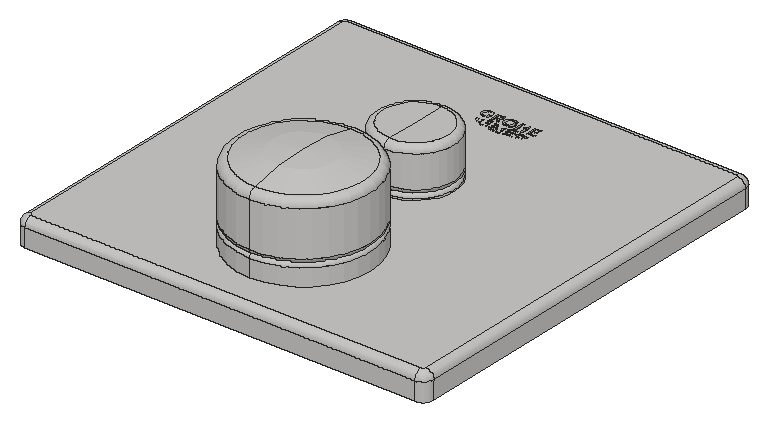
Revit family "Plumbing-Fixtures_Grohe_Grohtherm_Smart-Control_29123000_14_METRIC1", category Plumbing Fixtures, host Face, Revit 2015
Parameters (values of type "29123000")
  _distributed by = "www.bimstore.co.uk"
  _current revision = 1  # constant formula
  _created by = "Ryan Lashley"  # constant formula
  _authorized by = "Kris Atkinson"  # constant formula
  _BIMspec_GUID = 0  # constant formula
  Waste Connection = no
  WarrantyStartDate [instance] = "Please record on commissioning."
  WarrantyGuarantorParts = ""
  WarrantyGuarantorLabor = ""
  WarrantyDurationUnit = "Years"  # constant formula
  WarrantyDurationParts = ""
  WarrantyDurationLabor = ""
  WarrantyDescription = ""
  WFU = 0
  Vent Connection = no
  URL = "www.grohe.com"
  TypeName = Model  # "Grohtherm - Smart Control Thermostatic Mixer"
  Type Comments = "Grohtherm - 29123000"  # constant formula
  TagNumber = ""
  SpareParts = ""
  Size = ""
  Shape = ""
  SerialNumber [instance] = "Please record on commissioning."
  ReplacementCost = ""
  ReferencedStandard = ""
  ProductionYear = "2016"  # constant formula
  Product Page URL = ""
  Product Documentation Link = ""
  Percentage of Recycled Content = ""
  NBSReference = "90-10-90/370"  # constant formula
  NBSObjectName = "Thermostatic mixing valves"  # constant formula
  NBSDescription = "Thermostatic mixing valves"  # constant formula
  ModelNumber = Type Comments  # "Grohtherm - 29123000"
  Model = "Grohtherm - Smart Control Thermostatic Mixer"  # constant formula
  Material = "Chrome"  # constant formula
  Masterformat Title = "Sanitary Facilities"  # constant formula
  Masterformat Number = "01 52 19"  # constant formula
  Manufacturer = "Grohe Limited"  # constant formula
  Low Emitting Material = no
  LEED Credit = ""
  Keynote = "N13"  # constant formula
  InstallationDate [instance] = "Please record on commissioning."
  Industry Standards = "n/a"  # constant formula
  Hot Water Connection Diameter = 10 mm  # constant formula
  HWFU = 4.5
  HW Connection = yes
  Grade = ""
  Finish = "Chrome"  # constant formula
  Features = Description  # ""
  Faucet Material = Grohe-Chrome-Polished
  Extidentifier = ""
  ExpectedLife = 0
  Ecojoy = yes
  DurationUnit = "Years"  # constant formula
  DocumentationTechnical = ""
  DocumentationMaintenance = ""
  DocumentationLiterature = ""
  DocumentationInstallationGuide = ""
  DocumentationCertificates = ""
  Description = ""  # constant formula
  Default Elevation = 0 mm
  CreatedOn = "February 2017"  # constant formula
  CreatedBy = "info-uk@grohe.com"  # constant formula
  Cost = 0
  Contact Grohe = "GROHE Limited, World Business Centre 2, Newall Road, London Heathrow Airport, Hounslow, Middlesex, TW6 2SF - Tel: +44 (0) 871 200 3414 - Fax: +44 (0) 871 200 3415 - EMail: info-uk@grohe.com"  # constant formula
  Constituents = ""
  Color = "Chrome"  # constant formula
  Cold Water Connection Diameter = 10 mm  # constant formula
  CodePerformance = ""
  ClassificationValue = "Pr_65_54_95_88"  # constant formula
  ClassificationName = "Uniclass 2015"  # constant formula
  CWFU = 4.5
  CW Connection = yes
  BarCode [instance] = "Please record on commissioning."
  AssetType = "Fixed"  # constant formula
  AssetIdentifier [instance] = "Please record on commissioning."
  Assembly Code = "C1030220"
  AccessibilityPerformance = ""
  ADA Compliant = no
Reference planes
  plane 1 "Center (Front/Back)": y = 0
  plane 2: z = 0
  plane 3 "Center (Left/Right)": x = 0
Forms (mm)
  Revolve 1, solid, material "Grohe-Chrome-Polished" <- "Faucet Material"
    sketch origin (0, 0, 0) x (0, 1, 0) y (0, 0, 1)
      loop
        line (-38.948, 0) -> (-13.01, 0) -> (-13.01, 16.589)
        arc (-13.01, 16.589) -> (-13.45, 17.649) -> (-14.51, 18.089) r 1.5
        arc (-14.51, 18.089) -> (-13.45, 18.528) -> (-13.01, 19.589) r 1.5
        line (-13.01, 19.589) -> (-13.01, 36.906)
        arc (-13.01, 36.906) -> (-13.889, 39.027) -> (-16.01, 39.906) r 3
        arc (-16.01, 39.906) -> (-27.366, 42.32) -> (-38.948, 43.131) r 83.187
        line (-38.948, 43.131) -> (-38.948, 0)
      axis (-38.948, 0) -> (-38.948, 43.131)
    angle from 0 to 360
  Revolve 2, solid, material "Grohe-Chrome-Polished" <- "Faucet Material"
    sketch origin (0, 55, 0) x (0, 1, 0) y (0, 0, 1)
      loop
        arc (-25, 25.954) -> (-25.732, 27.722) -> (-27.5, 28.454) r 2.5
        line (-27.5, 28.454) -> (-40, 28.454) -> (-40, 0) -> (-25, 0) -> (-25, 10.608)
        arc (-25, 10.608) -> (-25.439, 11.668) -> (-26.5, 12.108) r 1.5
        arc (-26.5, 12.108) -> (-25.439, 12.547) -> (-25, 13.608) r 1.5
        line (-25, 13.608) -> (-25, 25.954)
      axis (-40, 0) -> (-40, 28.454)
    angle from 0 to 360
  Extrusion 3, void
    sketch origin (76.161, -27.87, 153.7) x (0, 1, 0) y (-1, 0, 0)
      loop
        spline (87.555, 81.289) -> (87.887, 82.628) -> (87.745, 83.695) -> (87.295, 84.469) -> (86.699, 84.932) -> (86.051, 85.104) -> (85.409, 85.033) -> (84.827, 84.764) -> (84.353, 84.331) -> (84.021, 83.74) -> (83.863, 82.996) -> (83.936, 82.119) -> (84.344, 81.161)
        line (84.344, 81.161) -> (85.87, 81.161) -> (85.87, 82.167) -> (84.746, 82.167)
        spline (84.746, 82.167) -> (84.504, 82.743) -> (84.528, 83.242) -> (84.755, 83.645) -> (85.125, 83.934) -> (85.576, 84.093) -> (86.047, 84.102) -> (86.482, 83.954) -> (86.841, 83.659) -> (87.086, 83.231) -> (87.178, 82.684) -> (87.081, 82.032) -> (86.755, 81.289)
        line (86.755, 81.289) -> (87.555, 81.289)
      loop
        line (83.951, 80.338) -> (83.951, 79.329) -> (87.024, 79.329)
        spline (87.024, 79.329) -> (87.029, 79.038) -> (87.035, 78.793) -> (87.026, 78.589) -> (86.985, 78.42) -> (86.897, 78.281) -> (86.748, 78.169) -> (86.552, 78.097) -> (86.337, 78.089) -> (86.129, 78.171) -> (85.958, 78.365) -> (85.851, 78.696) -> (85.837, 79.188)
        line (85.837, 79.188) -> (83.951, 77.819) -> (83.951, 76.51) -> (85.511, 77.819)
        arc (85.511, 77.819) -> (86.802, 77.083) -> (87.755, 78.223) r 1.158
        line (87.755, 78.223) -> (87.755, 80.338) -> (83.951, 80.338)
      loop
        spline (83.801, 74.144) -> (83.871, 73.536) -> (84.074, 72.97) -> (84.398, 72.483) -> (84.819, 72.11) -> (85.311, 71.875) -> (85.838, 71.795) -> (86.365, 71.875) -> (86.856, 72.11) -> (87.278, 72.483) -> (87.601, 72.97) -> (87.805, 73.536) -> (87.874, 74.144)
        spline (87.874, 74.144) -> (87.805, 74.752) -> (87.601, 75.319) -> (87.278, 75.805) -> (86.856, 76.179) -> (86.365, 76.413) -> (85.838, 76.493) -> (85.311, 76.413) -> (84.819, 76.179) -> (84.398, 75.805) -> (84.074, 75.319) -> (83.871, 74.752) -> (83.801, 74.144)
      loop
        spline (84.492, 74.144) -> (84.538, 73.81) -> (84.673, 73.498) -> (84.886, 73.23) -> (85.165, 73.025) -> (85.489, 72.896) -> (85.838, 72.851) -> (86.186, 72.896) -> (86.51, 73.025) -> (86.789, 73.23) -> (87.003, 73.498) -> (87.137, 73.81) -> (87.183, 74.144)
        spline (87.183, 74.144) -> (87.137, 74.479) -> (87.003, 74.791) -> (86.789, 75.059) -> (86.51, 75.264) -> (86.186, 75.393) -> (85.838, 75.437) -> (85.489, 75.393) -> (85.165, 75.264) -> (84.886, 75.059) -> (84.673, 74.791) -> (84.538, 74.479) -> (84.492, 74.144)
      loop
        line (83.95, 71.102) -> (83.95, 70.1) -> (85.811, 70.1) -> (85.811, 68.368) -> (83.95, 68.368) -> (83.95, 67.366) -> (87.982, 67.366) -> (87.982, 68.368) -> (86.592, 68.368) -> (86.592, 70.1) -> (87.982, 70.1) -> (87.982, 71.102) -> (83.95, 71.102)
      loop
        line (83.95, 66.313) -> (83.95, 63.467) -> (84.782, 63.467) -> (84.782, 65.311) -> (85.582, 65.311) -> (85.582, 63.967) -> (86.382, 63.967) -> (86.382, 65.311) -> (87.182, 65.311) -> (87.182, 63.682) -> (87.982, 63.682) -> (87.982, 66.313) -> (83.95, 66.313)
      loop
        arc (82.595, 81.499) -> (82.17, 82.773) -> (82.083, 84.113) r 5.216
        line (82.083, 84.113) -> (81.375, 83.598)
        arc (81.375, 83.598) -> (81.543, 82.365) -> (81.965, 81.194) r 5.916
        arc (81.965, 81.194) -> (82.476, 78.968) -> (81.965, 76.743) r 5.1
        arc (81.965, 76.743) -> (81.372, 74.162) -> (81.965, 71.581) r 5.916
        arc (81.965, 71.581) -> (82.476, 69.355) -> (81.965, 67.13) r 5.1
        arc (81.965, 67.13) -> (81.543, 65.959) -> (81.375, 64.726) r 5.916
        line (81.375, 64.726) -> (82.083, 64.211)
        arc (82.083, 64.211) -> (82.17, 65.551) -> (82.595, 66.824) r 5.216
        arc (82.595, 66.824) -> (83.176, 69.355) -> (82.595, 71.886) r 5.8
        arc (82.595, 71.886) -> (82.072, 74.162) -> (82.595, 76.438) r 5.216
        arc (82.595, 76.438) -> (83.176, 78.968) -> (82.595, 81.499) r 5.8
      loop
        arc (81.095, 66.824) -> (81.676, 69.355) -> (81.095, 71.886) r 5.8
        arc (81.095, 71.886) -> (80.572, 74.162) -> (81.095, 76.438) r 5.216
        arc (81.095, 76.438) -> (81.676, 78.968) -> (81.095, 81.499) r 5.8
        arc (81.095, 81.499) -> (80.853, 82.087) -> (80.684, 82.7) r 5.216
        line (80.684, 82.7) -> (80.154, 81.971)
        arc (80.154, 81.971) -> (80.296, 81.577) -> (80.465, 81.194) r 5.916
        arc (80.465, 81.194) -> (80.976, 78.968) -> (80.465, 76.743) r 5.1
        arc (80.465, 76.743) -> (79.872, 74.162) -> (80.465, 71.581) r 5.916
        arc (80.465, 71.581) -> (80.976, 69.355) -> (80.465, 67.13) r 5.1
        arc (80.465, 67.13) -> (80.296, 66.747) -> (80.154, 66.353) r 5.916
        line (80.154, 66.353) -> (80.684, 65.624)
        arc (80.684, 65.624) -> (80.853, 66.237) -> (81.095, 66.824) r 5.216
      loop
        line (79.776, 81.084) -> (79.321, 80.217)
        arc (79.321, 80.217) -> (79.45, 78.449) -> (78.965, 76.743) r 5.1
        arc (78.965, 76.743) -> (78.372, 74.162) -> (78.965, 71.581) r 5.916
        arc (78.965, 71.581) -> (79.45, 69.875) -> (79.321, 68.107) r 5.1
        line (79.321, 68.107) -> (79.776, 67.239)
        arc (79.776, 67.239) -> (80.172, 69.582) -> (79.595, 71.886) r 5.8
        arc (79.595, 71.886) -> (79.072, 74.162) -> (79.595, 76.438) r 5.216
        arc (79.595, 76.438) -> (80.172, 78.742) -> (79.776, 81.084) r 5.8
    from -144.261 to -143.268
  Extrusion 4, solid, material "Grohe-Chrome-Polished" <- "Faucet Material"
    sketch origin (0, 47.019, -240) x (0, 1, 0) y (-1, 0, 0)
      loop
        arc (31.981, 75) -> (30.81, 77.828) -> (27.981, 79) r 4
        line (27.981, 79) -> (-122.019, 79)
        arc (-122.019, 79) -> (-124.847, 77.828) -> (-126.019, 75) r 4
        line (-126.019, 75) -> (-126.019, -75)
        arc (-126.019, -75) -> (-124.847, -77.828) -> (-122.019, -79) r 4
        line (-122.019, -79) -> (27.981, -79)
        arc (27.981, -79) -> (30.81, -77.828) -> (31.981, -75) r 4
        line (31.981, -75) -> (31.981, 75)
    from 240 to 250
  Sweep 5, void
    path in 3D
      loop
        arc (79, 75, 10) -> (77.828, 77.828, 10) -> (75, 79, 10) r 4
        line (75, 79, 10) -> (-75, 79, 10)
        arc (-75, 79, 10) -> (-77.828, 77.828, 10) -> (-79, 75, 10) r 4
        line (-79, 75, 10) -> (-79, -75, 10)
        arc (-79, -75, 10) -> (-77.828, -77.828, 10) -> (-75, -79, 10) r 4
        line (-75, -79, 10) -> (75, -79, 10)
        arc (75, -79, 10) -> (77.828, -77.828, 10) -> (79, -75, 10) r 4
        line (79, -75, 10) -> (79, 75, 10)
    profile origin (79, 0, 10) x (-1, 0, 0) y (0, 0, 1)
      loop
        line (0, 0) -> (0, -3)
        arc (0, -3) -> (0.879, -0.879) -> (3, 0) r 3
        line (3, 0) -> (0, 0)
Cuts and joins
  Extrusion 3, Sweep 5 cuts Extrusion 4
  joined: Revolve 1, Revolve 2, Extrusion 4
Lines and regions (mm)
  sketch lines
    curve 1: line (79, -75, 10) -> (79, 75, 10)
    curve 2: line (75, 79, 10) -> (-75, 79, 10)
    curve 3: line (-79, 75, 10) -> (-79, -75, 10)
    curve 4: line (-75, -79, 10) -> (75, -79, 10)
    curve 5: arc (-75, -79, 10) -> (-77.828, -77.828, 10) -> (-79, -75, 10) r 4
    curve 6: arc (-79, 75, 10) -> (-77.828, 77.828, 10) -> (-75, 79, 10) r 4
    curve 7: arc (75, 79, 10) -> (77.828, 77.828, 10) -> (79, 75, 10) r 4
    curve 8: arc (79, -75, 10) -> (77.828, -77.828, 10) -> (75, -79, 10) r 4
Dimensions and locks
  aligned and locked: plane 2 to host face
  aligned and locked: level to host face
